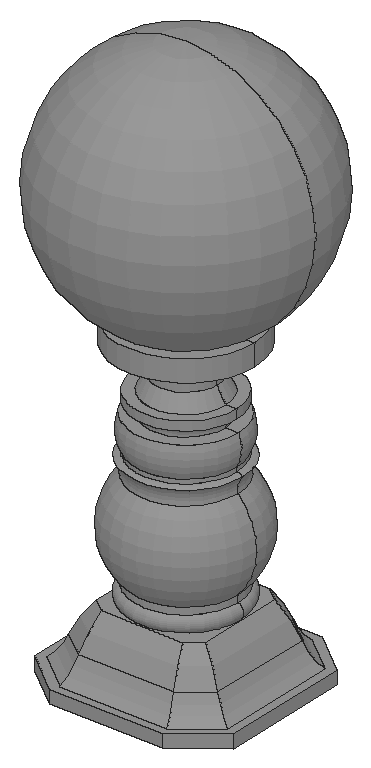
Revit family "Светильник «Манчестер» Арт 14323", category Антураж, Revit 2018
Family settings
  На основе рабочей плоскости = Нет
  Всегда вертикально = Да
  При загрузке вырезать с полостями = Нет
  Источник визуального образа = Геометрия семейства
  Общий = Нет
  Точка расчета площади = Нет
Parameters
  Высота = 660 mm
Reference planes
  plane 1 "По центру (Вперед/Назад)": y = 0
  plane 2: z = 0
  plane 3 "По центру (Влево/Вправо)": x = 0
  plane 4: z = 660
Forms (mm)
  Sweep 1, solid, material "Основа"
    path origin (0, -115, 0) x (1, 0, 0) y (0, 1, 0)
      loop
        line (50, 0) -> (180, 0) -> (230, 40) -> (230, 190) -> (180, 230) -> (50, 230) -> (0, 190) -> (0, 40) -> (50, 0)
    profile origin (0, 0, 0) x (1, 0, 0) y (0, 0, 1)
      loop
        line (0, 0) -> (55, 0) -> (55, 80.549) -> (52.066, 80.549)
        arc (52.066, 80.549) -> (38.554, 62.419) -> (28.889, 41.977) r 113.902
        arc (28.889, 41.977) -> (21.268, 27.212) -> (10, 15) r 62.034
        line (10, 15) -> (0, 15) -> (0, 0)
  Revolve 2, solid, material "Основа"
    sketch origin (0, 0, 0) x (1, 0, 0) y (0, 0, 1)
      loop
        line (115, 375.549) -> (115, 80.549) -> (175.311, 80.549)
        arc (175.311, 80.549) -> (181.491, 89.83) -> (175.311, 99.11) r 10.058
        line (175.311, 99.11) -> (175.311, 107.134)
        arc (175.311, 107.134) -> (197.692, 159.634) -> (175.311, 212.134) r 72.767
        arc (175.311, 212.134) -> (175.915, 222.406) -> (181.158, 231.26) r 21.823
        arc (181.158, 231.26) -> (177.618, 233.074) -> (173.739, 233.96) r 16.032
        line (173.739, 233.96) -> (173.739, 238.96)
        arc (173.739, 238.96) -> (179.434, 256.787) -> (176.276, 275.233) r 39.468
        line (176.276, 275.233) -> (160.908, 275.233)
        arc (160.908, 275.233) -> (164.629, 284.571) -> (173.739, 288.817) r 13.626
        line (173.739, 288.817) -> (173.739, 298.817) -> (160.965, 298.817) -> (151.269, 316.309) -> (151.269, 326.309) -> (195, 350.549) -> (195, 375.549) -> (115, 375.549)
      axis (115, 80.549) -> (115, 375.549)
    angle from 0 to 360
  Extrusion 3, solid, material "Основа"
    sketch origin (0, -115, 0) x (1, 0, 0) y (0, 1, 0)
      loop
        line (55, 163.566) -> (55, 66.434) -> (69.293, 55) -> (160.707, 55) -> (175, 66.434) -> (175, 163.566) -> (160.707, 175) -> (69.293, 175) -> (55, 163.566)
    from 0 to 80.549
  Revolve 4, solid, material "Плафон"
    sketch origin (0, 0, -15) x (1, 0, 0) y (0, 0, 1)
      loop
        line (115, 675) -> (115, 375)
        arc (115, 375) -> (265, 525) -> (115, 675) r 150
      axis (115, 375) -> (115, 675)
    angle from 0 to 360
Cuts and joins
  joined: Sweep 1, Extrusion 3
Dimensions and locks
  "Высота": level to plane 4
  aligned and locked: level to plane 2
Automatic sketch dimensions
  Sweep 1 sketch curve to plane 3 "По центру (Влево/Вправо)" = 0 mm
  plane 3 "По центру (Влево/Вправо)" to Sweep 1 sketch curve = 50 mm  (x2)
  Sweep 1 sketch curve to Sweep 1 sketch curve = 130 mm  (x2)
  Sweep 1 sketch curve to plane 1 "По центру (Вперед/Назад)" = 75 mm  (x2)
  Sweep 1 sketch curve to Sweep 1 sketch curve = 50 mm
  plane 1 "По центру (Вперед/Назад)" to Sweep 1 sketch curve = 75 mm  (x2)
  Sweep 1 sketch curve to Sweep 1 sketch curve = 40 mm  (x2)
  profile plane to Sweep 1 sketch curve = 0 mm
  Sweep 1 sketch curve to level = 0 mm
  profile plane to Sweep 1 sketch curve = 29.548 mm
  Sweep 1 sketch curve to Sweep 1 sketch curve = 10 mm
  Sweep 1 sketch curve to profile plane = 52.066 mm
  Sweep 1 sketch curve to Sweep 1 sketch curve = 2.934 mm
  level to Sweep 1 sketch curve = 3.755 mm
  Sweep 1 sketch curve to Sweep 1 sketch curve = 81.187 mm
  level to Sweep 1 sketch curve = 15 mm
  Sweep 1 sketch curve to Sweep 1 sketch curve = 47.793 mm
  Sweep 1 sketch curve to Sweep 1 sketch curve = 38.573 mm
  plane 3 "По центру (Влево/Вправо)" to Revolve 2 sketch curve = 115 mm
  Revolve 2 sketch curve to Revolve 2 sketch curve = 9.925 mm
  Revolve 2 sketch curve to Revolve 2 sketch curve = 15.136 mm
  Revolve 2 sketch curve to Revolve 2 sketch curve = 36.269 mm
  Revolve 2 sketch curve to Revolve 2 sketch curve = 20.847 mm
  Revolve 2 sketch curve to Revolve 2 sketch curve = 9.696 mm
  Revolve 2 sketch curve to Revolve 2 sketch curve = 56.434 mm
  Revolve 2 sketch curve to Revolve 2 sketch curve = 32.073 mm
  Revolve 2 sketch curve to Revolve 2 sketch curve = 12.774 mm
  Revolve 2 sketch curve to Revolve 2 sketch curve = 1.605 mm
  Revolve 2 sketch curve to Revolve 2 sketch curve = 13.626 mm
  Revolve 2 sketch curve to Revolve 2 sketch curve = 3.877 mm  (x2)
  Revolve 2 sketch curve to Revolve 2 sketch curve = 1.742 mm
  Revolve 2 sketch curve to Revolve 2 sketch curve = 43.731 mm
  Revolve 2 sketch curve to Revolve 2 sketch curve = 24.65 mm
  level to Revolve 2 sketch curve = 80.549 mm
  Revolve 2 sketch curve to Revolve 2 sketch curve = 9.28 mm
  Revolve 2 sketch curve to Revolve 2 sketch curve = 8.024 mm
  Revolve 2 sketch curve to Revolve 2 sketch curve = 52.5 mm
  Revolve 2 sketch curve to Revolve 2 sketch curve = 56.392 mm
  Revolve 2 sketch curve to Revolve 2 sketch curve = 1.983 mm
  Revolve 2 sketch curve to Revolve 2 sketch curve = 15.951 mm
  Revolve 2 sketch curve to Revolve 2 sketch curve = 5 mm  (x2)
  Revolve 2 sketch curve to Revolve 2 sketch curve = 20.58 mm
  Revolve 2 sketch curve to Revolve 2 sketch curve = 0.02 mm
  Revolve 2 sketch curve to Revolve 2 sketch curve = 10 mm  (x2)
  Revolve 2 sketch curve to Revolve 2 sketch curve = 17.492 mm
  Revolve 2 sketch curve to Revolve 2 sketch curve = 24.24 mm
  Revolve 2 sketch curve to Revolve 2 sketch curve = 25 mm
  Revolve 2 sketch curve to Revolve 2 sketch curve = 0 mm  (x2)
  Revolve 2 sketch curve to Revolve 2 sketch curve = 3.176 mm
  plane 3 "По центру (Влево/Вправо)" to Extrusion 3 sketch curve = 55 mm
  Extrusion 3 sketch curve to Extrusion 3 sketch curve = 14.293 mm  (x3)
  plane 1 "По центру (Вперед/Назад)" to Extrusion 3 sketch curve = 60 mm
  Extrusion 3 sketch curve to Extrusion 3 sketch curve = 91.414 mm  (x2)
  Extrusion 3 sketch curve to Extrusion 3 sketch curve = 11.434 mm  (x3)
  Extrusion 3 sketch curve to plane 1 "По центру (Вперед/Назад)" = 48.566 mm  (x2)
  plane 3 "По центру (Влево/Вправо)" to Revolve 4 sketch curve = 115 mm
  Revolve 4 sketch curve to plane 4 = 300 mm
  Revolve 4 sketch curve to Revolve 4 sketch curve = 150 mm
  Revolve 4 sketch curve to Revolve 4 sketch curve = 0 mm  (x2)
  Revolve 4 sketch curve to Revolve 4 sketch curve = 0.549 mm
